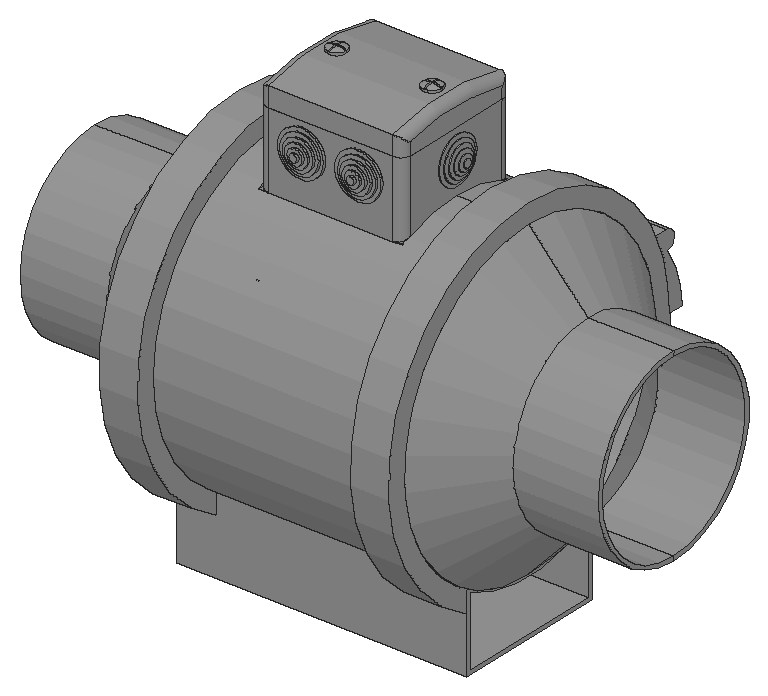
Revit family "Turbo_EC", category Mechanical Equipment, Revit 2021
Family settings
  Round Connector Dimension = Use Diameter
  Classification = None
  Part Type = Normal
  Work Plane-Based = No
  Always vertical = Yes
  Cut with Voids When Loaded = No
  Shared = No
  Room Calculation Point = No
Parameters (values of type "Turbo EC 100")
  Width = B  # 192 mm
  Weight = 1.75 kg
  Temperature of moving air = "-25…+55 °С"
  Sound pressure level at 3 m distance = "47 dBA"
  Length = L  # 302.5 mm
  Height = H  # 241 mm
  Diameter = D  # 98 mm
  Default Elevation = 0 mm
  Description = "For round channels"  # constant formula
  Manufacturer = "Blauberg"  # constant formula
  r2 = D2 / 2  # 92 mm
  h = D1 / 2 + 30 mm  # 112 mm
  d1 = D1 - 5 mm  # 159 mm
  Voltage = if(Number of Fase = 3, 400 V, 230 V)  # 230 V
  URL = "https://blaubergventilatoren.de/en/series/turbo-ec"
  Ry = Dy / 2  # 47 mm
  R1 = D1 / 2  # 82 mm
  R = D / 2  # 49 mm
  Pressure_Static_Air = 0.0 Pa
  Power = 30 W
  P = D1 * sin(30.00°)  # 82 mm
  Number of Fase = 1
  Maximum Air Flow = 300.0 m³/h
  Maintenance zone material = none
  Load Classification = "HVAC"  # constant formula
  L2 = L / 2  # 151.25 mm
  L1 = L - 90 mm  # 212.5 mm
  L = 302.5 mm
  H = 241 mm
  Frequency = 50 Hz
  Dy = D - 4 mm  # 94 mm
  D2 = D1 + 20 mm  # 184 mm
  D11 = D1 + 2 mm  # 166 mm
  D1 = 164 mm
  D = 98 mm
  Casing Material = Polypropylene
  B = 192 mm
  Apparent Load = Voltage * Amperage  # 66.7 VA
  Amperage = 0.29 A
  Air Flow [instance] = 0.0 m³/h
  09_System_Name [instance] = ""
  00_20_Type = "Turbo EC 100"
  00_20_Name = "Inline mixed-flow fans with EC motor"
  00_20_Manufacturer = "Blauberg"  # constant formula
Types (15, lengths in mm): name | Width | Weight | Temperature of moving air | Sound pressure level at 3 m distance | Length | Height | Diameter | r2 | h | d1 | URL | Ry | R1 | R | Power | P | Maximum Air Flow | L2 | L1 | L | H | Dy | D2 | D11 | D1 | D | B | Apparent Load | Amperage | 00_20_Type | 00_20_Name
  (no name) | 192 | 1.75 kg | "-25…+55 °С" | "47 dBA" | 302.5 | 241 | 98 | 92 | 112 | 159 | "https://blaubergventilatoren.de/en/series/turbo-ec" | 47 | 82 | 49 | 30 W | 82 | 300.0 m³/h | 151.25 | 212.5 | 302.5 | 241 | 94 | 184 | 166 | 164 | 98 | 192 | 66.7 VA | 0.29 A | "Turbo EC 100" | "Inline mixed-flow fans with EC motor"
  Turbo 315 | 362 | 11.70 kg | "+60°С" | "52 dBA" | 445 | 408 | 310 | 171.5 | 191.5 | 318 | "https://blaubergventilatoren.de/en/series/turbo" | 153 | 161.5 | 155 | 315 W | 161.5 | 1750.0 m³/h | 222.5 | 355 | 445 | 408 | 306 | 343 | 325 | 323 | 310 | 362 | 326.6 VA | 1.42 A | "Turbo 315" | "Inline mixed-flow fan"
  Turbo 100 | 196 | 1.68 kg | "+60°С" | "32 dBA" | 303 | 241 | 97 | 92 | 112 | 159 | "https://blaubergventilatoren.de/en/series/turbo" | 46.5 | 82 | 48.5 | 25 W | 82 | 220.0 m³/h | 151.5 | 213 | 303 | 241 | 93 | 184 | 166 | 164 | 97 | 196 | 25.3 VA | 0.11 A | "Turbo 100" | "Inline mixed-flow fan"
  Turbo 125 | 196 | 1.79 kg | "+60°С" | "34 dBA" | 258 | 241 | 123 | 92 | 112 | 159 | "https://blaubergventilatoren.de/en/series/turbo" | 59.5 | 82 | 61.5 | 29 W | 82 | 345.0 m³/h | 129 | 168 | 258 | 241 | 119 | 184 | 166 | 164 | 123 | 196 | 29.9 VA | 0.13 A | "Turbo 125" | "Inline mixed-flow fan"
  Turbo 150 | 220 | 3.18 kg | "+60°С" | "44 dBA" | 289 | 251 | 148 | 103.5 | 123.5 | 182 | "https://blaubergventilatoren.de/en/series/turbo" | 72 | 93.5 | 74 | 50 W | 93.5 | 560.0 m³/h | 144.5 | 199 | 289 | 251 | 144 | 207 | 189 | 187 | 148 | 220 | 50.6 VA | 0.22 A | "Turbo 150" | "Inline mixed-flow fan"
  Turbo 160 | 220 | 3.23 kg | "+60°С" | "44 dBA" | 289 | 251 | 158 | 103.5 | 123.5 | 182 | "https://blaubergventilatoren.de/en/series/turbo" | 77 | 93.5 | 79 | 50 W | 93.5 | 560.0 m³/h | 144.5 | 199 | 289 | 251 | 154 | 207 | 189 | 187 | 158 | 220 | 50.6 VA | 0.22 A | "Turbo 160" | "Inline mixed-flow fan"
  Turbo 200 | 239 | 3.80 kg | "+60°С" | "45 dBA" | 295.5 | 261 | 199 | 114.5 | 134.5 | 204 | "https://blaubergventilatoren.de/en/series/turbo" | 97.5 | 104.5 | 99.5 | 108 W | 104.5 | 1080.0 m³/h | 147.75 | 205.5 | 295.5 | 261 | 195 | 229 | 211 | 209 | 199 | 239 | 110.4 VA | 0.48 A | "Turbo 200" | "Inline mixed-flow fan"
  Turbo 250 | 287 | 7.83 kg | "+60°С" | "51 dBA" | 383 | 323 | 247 | 138.5 | 158.5 | 252 | "https://blaubergventilatoren.de/en/series/turbo" | 121.5 | 128.5 | 123.5 | 177 W | 128.5 | 1360.0 m³/h | 191.5 | 293 | 383 | 323 | 243 | 277 | 259 | 257 | 247 | 287 | 181.7 VA | 0.79 A | "Turbo 250" | "Inline mixed-flow fan"
  Turbo EC 100 | 192 | 1.75 kg | "-25…+55 °С" | "47 dBA" | 302.5 | 241 | 98 | 92 | 112 | 159 | "https://blaubergventilatoren.de/en/series/turbo-ec" | 47 | 82 | 49 | 30 W | 82 | 300.0 m³/h | 151.25 | 212.5 | 302.5 | 241 | 94 | 184 | 166 | 164 | 98 | 192 | 66.7 VA | 0.29 A | "Turbo EC 100" | "Inline mixed-flow fans with EC motor"
  Turbo EC 125 | 193 | 2.15 kg | "-25…+55 °С" | "49 dBA" | 258.5 | 241 | 123 | 92 | 112 | 159 | "https://blaubergventilatoren.de/en/series/turbo-ec" | 59.5 | 82 | 61.5 | 40 W | 82 | 450.0 m³/h | 129.25 | 168.5 | 258.5 | 241 | 119 | 184 | 166 | 164 | 123 | 193 | 85.1 VA | 0.37 A | "Turbo EC 125" | "Inline mixed-flow fans with EC motor"
  Turbo EC 150 | 216.5 | 2.30 kg | "-25…+55 °С" | "46 dBA" | 289 | 253.5 | 148 | 103.5 | 123.5 | 182 | "https://blaubergventilatoren.de/en/series/turbo-ec" | 72 | 93.5 | 74 | 55 W | 93.5 | 600.0 m³/h | 144.5 | 199 | 289 | 253.5 | 144 | 207 | 189 | 187 | 148 | 216.5 | 110.4 VA | 0.48 A | "Turbo EC 150" | "Inline mixed-flow fans with EC motor"
  Turbo EC 160 | 216.5 | 3.25 kg | "-25…+55 °С" | "46 dBA" | 289 | 253.5 | 158 | 103.5 | 123.5 | 182 | "https://blaubergventilatoren.de/en/series/turbo-ec" | 77 | 93.5 | 79 | 55 W | 93.5 | 600.0 m³/h | 144.5 | 199 | 289 | 253.5 | 154 | 207 | 189 | 187 | 158 | 216.5 | 110.4 VA | 0.48 A | "Turbo EC 160" | "Inline mixed-flow fans with EC motor"
  Turbo EC 200 | 239 | 3.95 kg | "-25…+55 °С" | "49 dBA" | 295.5 | 277.5 | 198 | 114.5 | 134.5 | 204 | "https://blaubergventilatoren.de/en/series/turbo-ec" | 97 | 104.5 | 99 | 123 W | 104.5 | 1040.0 m³/h | 147.75 | 205.5 | 295.5 | 277.5 | 194 | 229 | 211 | 209 | 198 | 239 | 234.6 VA | 1.02 A | "Turbo EC 200" | "Inline mixed-flow fans with EC motor"
  Turbo EC 250 | 288 | 7.80 kg | "-25…+55 °С" | "53 dBA" | 383 | 339 | 247 | 138.5 | 158.5 | 252 | "https://blaubergventilatoren.de/en/series/turbo-ec" | 121.5 | 128.5 | 123.5 | 169 W | 128.5 | 1285.0 m³/h | 191.5 | 293 | 383 | 339 | 243 | 277 | 259 | 257 | 247 | 288 | 317.4 VA | 1.38 A | "Turbo EC 200" | "Inline mixed-flow fans with EC motor"
  Turbo EC 315 | 360 | 11.95 kg | "-25…+55 °С" | "55 dBA" | 443 | 423 | 308.5 | 171.5 | 191.5 | 318 | "https://blaubergventilatoren.de/en/series/turbo-ec" | 152.25 | 161.5 | 154.25 | 284 W | 161.5 | 1970.0 m³/h | 221.5 | 353 | 443 | 423 | 304.5 | 343 | 325 | 323 | 308.5 | 360 | 287.5 VA | 1.25 A | "Turbo EC 315" | "Inline mixed-flow fans with EC motor"
Reference planes
  plane 1 "По центру (Вперед/Назад)": y = 0
  plane 2: z = 0
  plane 3 "По центру (Влево/Вправо)": x = 0
  plane 4: z = 241
  plane 5: z = 112
  plane 6: z = 152
  plane 7: y = 100
  plane 8: y = -92
Forms (mm)
  Revolve 1, solid, material "Polypropylene" <- "Casing Material"
    sketch origin (0, 0, 0) x (1, 0, 0) y (0, 0, 1)
      loop
        line (-151.25, 159) -> (-105.378, 159) -> (-74.753, 192) -> (74.753, 192) -> (105.378, 159) -> (151.25, 159) -> (151.25, 161) -> (106.25, 161) -> (75.625, 194) -> (-75.625, 194) -> (-106.25, 161) -> (-151.25, 161) -> (-151.25, 159)
      axis (-151.25, 112) -> (151.25, 112)
    angle from 0 to 360
  Extrusion 2, solid, material "Polypropylene" <- "Casing Material"
    sketch origin (0, 0, 0) x (0, 1, 0) y (0, 0, 1)
      loop
        arc (41, 40.986) -> (0, 194) -> (-41, 40.986) r 82
        line (-41, 40.986) -> (-41, 29.641)
        arc (-41, 29.641) -> (0, 204) -> (41, 29.641) r 92
        line (41, 29.641) -> (41, 40.986)
    from 55.675 to 75.625
  Extrusion 3, solid, material "Polypropylene" <- "Casing Material"
    sketch origin (0, 0, 0) x (0, 1, 0) y (0, 0, -1)
      loop
        line (41, -40.986) -> (41, -29.641)
        arc (41, -29.641) -> (0, -204) -> (-41, -29.641) r 92
        line (-41, -29.641) -> (-41, -40.986)
        arc (-41, -40.986) -> (0, -194) -> (41, -40.986) r 82
    from 55.675 to 75.625
  Extrusion 4, solid, material "Polypropylene" <- "Casing Material"
    sketch origin (0, 0, 0) x (0, 1, 0) y (0, 0, 1)
      loop
        line (92, 112) -> (100, 112)
        arc (100, 112) -> (96.908, 127.603) -> (90.194, 142.023) r 66.416
        arc (90.194, 142.023) -> (94.705, 147.242) -> (89.711, 152) r 5
        line (89.711, 152) -> (82.849, 152)
        arc (82.849, 152) -> (89.683, 132.517) -> (92, 112) r 92
    from 55.625 to 75.625
  Extrusion 5, solid, material "Polypropylene" <- "Casing Material"
    sketch origin (-55.104, 5.732, 3.821) x (0, 1, 0) y (0, 0, -1)
      loop
        arc (86.268, -108.179) -> (83.951, -128.695) -> (77.117, -148.179) r 92
        line (77.117, -148.179) -> (83.979, -148.179)
        arc (83.979, -148.179) -> (88.973, -143.421) -> (84.462, -138.202) r 5
        arc (84.462, -138.202) -> (91.176, -123.782) -> (94.268, -108.179) r 66.416
        line (94.268, -108.179) -> (86.268, -108.179)
    from 0.521 to 20.521
  Extrusion 6, solid, material "Polypropylene" <- "Casing Material"
    sketch origin (0, 0, 0) x (0, 1, 0) y (0, 0, 1)
      loop
        line (41, 0) -> (41, 40.986)
        arc (41, 40.986) -> (0, 30) -> (-41, 40.986) r 82
        line (-41, 40.986) -> (-41, 0) -> (41, 0)
      loop
        line (39, 2) -> (39, 38.733)
        arc (39, 38.733) -> (0, 29) -> (-39, 38.733) r 83
        line (-39, 38.733) -> (-39, 2) -> (39, 2)
    from -75.625 to 75.625
  Extrusion 7, solid, material "Polypropylene" <- "Casing Material"
    sketch origin (0, 0, 0) x (0, 1, 0) y (0, 0, 1)
      loop
        line (35, 226) -> (-35, 226) -> (-35, 186.155)
        arc (-35, 186.155) -> (0, 194) -> (35, 186.155) r 82
        line (35, 186.155) -> (35, 226)
    from -37.5 to 37.5
  Extrusion 8, solid, material "Polypropylene" <- "Casing Material"
    sketch origin (0, 0, 0) x (0, 1, 0) y (0, 0, 1)
      loop
        line (-35, 226) -> (35, 226) -> (35, 236)
        arc (35, 236) -> (0, 241) -> (-35, 236) r 125
        line (-35, 236) -> (-35, 226)
    from -37.5 to 37.5
  Sweep 9, void
    path in 3D
      loop
        line (37.5, 35, 186.155) -> (37.5, 35, 226) -> (37.5, 35, 236)
        arc (37.5, 35, 236) -> (37.5, 0, 241) -> (37.5, -35, 236) r 125
        line (37.5, -35, 236) -> (37.5, -35, 226) -> (37.5, -35, 186.155)
    profile origin (37.5, -35, 206.078) x (1, 0, 0) y (0, 1, 0)
      loop
        line (-5, 0) -> (0, 0) -> (0, 5)
        arc (0, 5) -> (-1.464, 1.464) -> (-5, 0) r 5
  Sweep 10, void
    path in 3D
      loop
        line (-37.5, -35, 186.155) -> (-37.5, -35, 226) -> (-37.5, -35, 236)
        arc (-37.5, -35, 236) -> (-37.5, 0, 241) -> (-37.5, 35, 236) r 125
        line (-37.5, 35, 236) -> (-37.5, 35, 226) -> (-37.5, 35, 186.155)
    profile origin (-37.5, 35, 206.078) x (-1, 0, 0) y (0, -1, 0)
      loop
        line (0, 0) -> (0, 3.835)
        arc (0, 3.835) -> (-1.766, 1.074) -> (-4.862, 0) r 5
        line (-4.862, 0) -> (0, 0)
Cuts and joins
  Sweep 9, Sweep 10 cuts Revolve 1
  Sweep 9, Sweep 10 cuts Extrusion 7
  Sweep 9, Sweep 10 cuts Extrusion 8
Lines and regions (mm)
  sketch lines
    curve 1: line (37.5, -35, 226) -> (37.5, -35, 186.155)
    curve 2: line (37.5, -35, 236) -> (37.5, -35, 226)
    curve 3: arc (37.5, -35, 236) -> (37.5, 0, 241) -> (37.5, 35, 236) r 125
    curve 4: line (37.5, 35, 226) -> (37.5, 35, 236)
    curve 5: line (37.5, 35, 186.155) -> (37.5, 35, 226)
    curve 6: line (-37.5, 35, 226) -> (-37.5, 35, 186.155)
    curve 7: line (-37.5, 35, 236) -> (-37.5, 35, 226)
    curve 8: arc (-37.5, 35, 236) -> (-37.5, 0, 241) -> (-37.5, -35, 236) r 125
    curve 9: line (-37.5, -35, 226) -> (-37.5, -35, 236)
    curve 10: line (-37.5, -35, 186.155) -> (-37.5, -35, 226)
Dimensions and locks
  "H": plane 4 to level
  equal spacing: Revolve 1 sketch curve, plane 3 "По центру (Влево/Вправо)", Revolve 1 sketch curve  (x3)
  "L": Revolve 1 sketch curve to Revolve 1 sketch curve
  "L2": Revolve 1 sketch curve to Revolve 1 sketch curve
  "L1": Revolve 1 sketch curve to Revolve 1 sketch curve
  locked: Revolve 1 sketch curve to Revolve 1 sketch curve at 2  (x3)
  "R": Revolve 1 sketch curve to plane 5  (x2)
  "Ry": Revolve 1 sketch curve to plane 5  (x2)
  "R1": Revolve 1 sketch curve to plane 5
  "h": plane 5 to level
  equal spacing: Extrusion 3, plane 3 "По центру (Влево/Вправо)", Extrusion 2
  "L2": Extrusion 3 to Extrusion 2
  locked: Extrusion 2 to Extrusion 2 at 19.95
  locked: Extrusion 3 to Extrusion 3 at 19.95
  locked: Extrusion 4 to Extrusion 4 at 20
  locked: Extrusion 5 to Extrusion 5 at 20
  equal spacing: Extrusion 5, plane 3 "По центру (Влево/Вправо)", Extrusion 4
  "L2": Extrusion 5 to Extrusion 4
  locked: plane 6 to plane 5 at 40
  equal spacing: Extrusion 6 sketch curve, plane 1 "По центру (Вперед/Назад)", Extrusion 6 sketch curve
  "P": Extrusion 6 sketch curve to Extrusion 6 sketch curve
  equal spacing: Extrusion 6, plane 3 "По центру (Влево/Вправо)", Extrusion 6
  "L2": Extrusion 6 to Extrusion 6
  locked: Extrusion 6 sketch curve to Extrusion 6 sketch curve at 2  (x3)
  equal spacing: Extrusion 3 sketch curve, plane 1 "По центру (Вперед/Назад)", Extrusion 3 sketch curve
  "P": Extrusion 3 sketch curve to Extrusion 3 sketch curve
  equal spacing: Extrusion 2 sketch curve, plane 1 "По центру (Вперед/Назад)", Extrusion 2 sketch curve
  "P": Extrusion 2 sketch curve to Extrusion 2 sketch curve
  locked: Extrusion 7 sketch curve to Extrusion 7 sketch curve at 70
  equal spacing: Extrusion 7 sketch curve, plane 1 "По центру (Вперед/Назад)", Extrusion 7 sketch curve
  locked: plane 4 to Extrusion 7 sketch curve at 15
  locked: Extrusion 8 sketch curve to Extrusion 8 sketch curve at 70
  equal spacing: Extrusion 8 sketch curve, plane 1 "По центру (Вперед/Назад)", Extrusion 8 sketch curve
  locked: Extrusion 8 sketch curve to Extrusion 7 at 10  (x2)
  locked: Extrusion 8 sketch curve to Extrusion 7 at 15
  locked: plane 4 to nested 1 at 30
  locked: nested 1 to plane 3 "По центру (Влево/Вправо)" at 37.5
  locked: plane 3 "По центру (Влево/Вправо)" to nested 2 at 37.5
  locked: plane 4 to nested 2 at 30
  nested 4 to plane 1 "По центру (Вперед/Назад)" to nested 3 = 35 mm, 35 mm locked
  locked: plane 4 to nested 3 at 30
  locked: nested 4 to plane 4 at 30
  locked: nested 4 to plane 3 "По центру (Влево/Вправо)" at 15
  locked: nested 3 to plane 3 "По центру (Влево/Вправо)" at 15
  nested 6 to nested 5 = 70 mm
  locked: plane 3 "По центру (Влево/Вправо)" to nested 6 at 15
  locked: plane 3 "По центру (Влево/Вправо)" to nested 5 at 15
  locked: plane 4 to nested 5 at 30
  locked: plane 4 to nested 6 at 30
  "B": plane 7 to plane 8
  "r2": plane 1 "По центру (Вперед/Назад)" to plane 8
  locked: plane 4 to nested 8 at 0.5
  locked: plane 3 "По центру (Влево/Вправо)" to nested 8 at 25
  nested 9 to nested 7 = 25 mm
  locked: plane 4 to nested 9 at 0.5
  "D1": diameter of Extrusion 2 sketch curve
  "D2": diameter of Extrusion 2 sketch curve
  "D1": diameter of Extrusion 3 sketch curve
  "D2": diameter of Extrusion 3 sketch curve
  "D2": diameter of Extrusion 4 sketch curve
  "D2": diameter of Extrusion 5 sketch curve
  "D1": diameter of Extrusion 6 sketch curve
  "D11": diameter of Extrusion 6 sketch curve
  "D1": diameter of Extrusion 7 sketch curve
  aligned and locked: level to plane 2
  aligned and locked: Revolve 1 sketch curve to plane 5
  aligned and locked: plane 5 to Extrusion 5 sketch curve
  aligned and locked: plane 1 "По центру (Вперед/Назад)" to Extrusion 5 sketch curve
  aligned and locked: plane 6 to Extrusion 5 sketch curve
  aligned and locked: nested 7 to plane 3 "По центру (Влево/Вправо)"
  aligned and locked: plane 5 to nested 7
  aligned and locked: plane 1 "По центру (Вперед/Назад)" to nested 7
  aligned and locked: plane 7 to Extrusion 5 sketch curve
  aligned and locked: plane 7 to Extrusion 4 sketch curve
  aligned and locked: plane 1 "По центру (Вперед/Назад)" to nested 8
  aligned and locked: plane 1 "По центру (Вперед/Назад)" to nested 9
Automatic sketch dimensions
  Revolve 1 sketch curve to Revolve 1 sketch curve = 1.569 mm
  Revolve 1 sketch curve to Revolve 1 sketch curve = 12.528 mm
  Extrusion 2 sketch curve to Extrusion 2 sketch curve = 0 mm  (x2)
  Extrusion 2 sketch curve to plane 1 "По центру (Вперед/Назад)" = 0 mm
  Extrusion 2 sketch curve to plane 5 = 0 mm
  Extrusion 3 sketch curve to Extrusion 3 sketch curve = 0 mm  (x2)
  Extrusion 3 sketch curve to plane 1 "По центру (Вперед/Назад)" = 0 mm
  Extrusion 3 sketch curve to plane 5 = 0 mm
  Extrusion 4 sketch curve to plane 1 "По центру (Вперед/Назад)" = 0 mm
  Extrusion 4 sketch curve to plane 6 = 0 mm
  Extrusion 4 sketch curve to plane 5 = 0 mm
  Extrusion 4 sketch curve to plane 5 = 5.016 mm
  Extrusion 4 sketch curve to plane 1 "По центру (Вперед/Назад)" = 33.774 mm
  Extrusion 4 sketch curve to plane 6 = 5 mm
  plane 7 to Extrusion 4 sketch curve = 10.289 mm
  Extrusion 5 sketch curve to plane 5 = 5.016 mm
  Extrusion 5 sketch curve to plane 1 "По центру (Вперед/Назад)" = 33.774 mm
  Extrusion 5 sketch curve to plane 6 = 5 mm
  plane 7 to Extrusion 5 sketch curve = 10.289 mm
  Extrusion 6 sketch curve to Extrusion 6 sketch curve = 0 mm  (x2)
  Extrusion 6 sketch curve to plane 1 "По центру (Вперед/Назад)" = 0 mm
  Extrusion 6 sketch curve to level = 0 mm
  Extrusion 6 sketch curve to plane 5 = 0 mm
  Extrusion 7 sketch curve to plane 1 "По центру (Вперед/Назад)" = 0 mm
  Extrusion 7 sketch curve to plane 5 = 0 mm
  Extrusion 8 sketch curve to Extrusion 8 sketch curve = 10 mm
  profile plane to Sweep 9 sketch curve = 0 mm
  Sweep 9 sketch curve to profile plane = 0 mm
  Sweep 9 sketch curve to profile plane = 5 mm
  Sweep 10 sketch curve to profile plane = 0 mm  (x2)
  Sweep 10 sketch curve to profile plane = 4.862 mm
  Sweep 10 sketch curve to profile plane = 3.835 mm
Nested families
  nested 1: "cap" at (33.5, 0, 211) x (0, 0, -1) z (1, 0, 0), type "cap"
  nested 2: "cap" at (-33.5, 0, 211) x (0, 0, -1) z (-1, 0, 0), type "cap"
  nested 3: "cap" at (-15, -31, 211) x (0, 0, -1) z (0, -1, 0), type "cap"
  nested 4: "cap" at (-15, 31, 211) x (0, 0, -1) z (0, 1, 0), type "cap"
  nested 5: "cap" at (15, -31, 211) x (0, 0, -1) z (0, -1, 0), type "cap"
  nested 6: "cap" at (15, 31, 211) x (0, 0, -1) z (0, 1, 0), type "cap"
  nested 7: "Fan" at (0, 0, 112) x (0, 0, 1) z (-1, 0, 0), type "Fan"
    with r 31.8 mm, R 79.5 mm, Dy 159 mm
  nested 8: "Screw" at (25, 0, 240.5), type "Screw"
  nested 9: "Screw" at (-25, 0, 240.5), type "Screw"
Connectors
  hvac at (-151.25, 0, 112), driven by "D"
    settings: on cut or joined group of Revolve 1, Sweep 9, Sweep 10, index 1, duct flow 0.0 m³/h, flow factor 0, pres drop 0.0 Pa, loss coef 0, conn angle 0.00°, conn width 304.8 mm, conn height 304.8 mm, conn diameter 98 mm, duct sys type 1, conn prof type 0, flow config 0, flow direction 0, loss method 0, conn ref index -1, conn util no, is conn primary yes, conn desc ""
  hvac at (151.25, 0, 112), driven by "D"
    settings: on cut or joined group of Revolve 1, Sweep 9, Sweep 10, index 2, duct flow 0.0 m³/h, flow factor 0, pres drop 0.0 Pa, loss coef 0, conn angle 0.00°, conn width 304.8 mm, conn height 304.8 mm, conn diameter 98 mm, duct sys type 1, conn prof type 0, flow config 0, flow direction 0, loss method 0, conn ref index -1, conn util no, is conn primary no, conn desc ""
  electrical at (-15, -36, 211), driven by "Voltage", driven by "Apparent Load"
    settings: on nested 3, index 3, voltage 230 V, apparent load 66.7 VA, apparent load phase1 0 VA, apparent load phase2 0 VA, apparent load phase3 0 VA, power factor 1, load classification "Мощность", number of poles 1, system type 30, power factor state 1, is connector primary yes, connector utility no, sub classification motor no, connector description ""
Definition of nested family "cap"
  Parameters (values of type "Заглушка")
    Default Elevation = 0 mm
  Reference planes
    plane 1 "По центру (Вперед/Назад)": y = 0
    plane 2: z = 0
    plane 3 "По центру (Влево/Вправо)": x = 0
  Forms (mm)
    Extrusion 1, solid
      sketch origin (0, 0, 0) x (1, 0, 0) y (0, 1, 0)
        loop
          circle (0, 0) r 12
      from 4 to 5
    Extrusion 2, solid
      sketch origin (0, 0, 0) x (1, 0, 0) y (0, 1, 0)
        loop
          circle (0, 0) r 10
      from 5 to 6
    Extrusion 3, solid
      sketch origin (0, 0, 0) x (1, 0, 0) y (0, 1, 0)
        loop
          circle (0, 0) r 8
      from 6 to 7
    Extrusion 4, solid
      sketch origin (0, 0, 0) x (1, 0, 0) y (0, 1, 0)
        loop
          circle (0, 0) r 6
      from 7 to 8
    Extrusion 5, solid
      sketch origin (0, 0, 0) x (1, 0, 0) y (0, 1, 0)
        loop
          circle (0, 0) r 4
      from 8 to 9
    Extrusion 6, solid
      sketch origin (0, 0, 0) x (1, 0, 0) y (0, 1, 0)
        loop
          circle (0, 0) r 2
      from 9 to 10
  Dimensions and locks
    aligned and locked: level to plane 2
Definition of nested family "Fan"
  Parameters (values of type "Вентилятор")
    Default Elevation = 0 mm
    r = Dy / 5  # 38.8 mm
    n = 8
    R = Dy / 2  # 97 mm
    Dy = 194 mm
  Reference planes
    plane 1 "По центру (Вперед/Назад)": y = 0
    plane 2: z = 0
    plane 3 "По центру (Влево/Вправо)": x = 0
  Forms (mm)
    Extrusion 1, solid
      sketch origin (5, 0, 0) x (1, 0, 0) y (0, 0, 1)
        loop
          arc (-1.417, 0) -> (-5.784, 15.673) -> (-3.327, 31.756) r 38.725
          arc (-3.327, 31.756) -> (-13.26, 17.281) -> (-10.167, 0) r 23.13
          line (-10.167, 0) -> (-1.417, 0)
      from 38.8 <- "r" to 97 <- "R"
    Extrusion 2, solid
      sketch origin (3.536, -3.536, 0) x (0.707107, -0.707107, 0) y (0, 0, 1)
        loop
          arc (-1.417, 0) -> (-5.784, 15.673) -> (-3.327, 31.756) r 38.725
          arc (-3.327, 31.756) -> (-13.26, 17.281) -> (-10.167, 0) r 23.13
          line (-10.167, 0) -> (-1.417, 0)
      from 38.8 <- "r" to 97 <- "R"
    Extrusion 3, solid
      sketch origin (3.536, 3.536, 0) x (0.707107, 0.707107, 0) y (0, 0, 1)
        loop
          arc (-1.417, 0) -> (-5.784, 15.673) -> (-3.327, 31.756) r 38.725
          arc (-3.327, 31.756) -> (-13.26, 17.281) -> (-10.167, 0) r 23.13
          line (-10.167, 0) -> (-1.417, 0)
      from 38.8 <- "r" to 97 <- "R"
    Extrusion 4, solid
      sketch origin (0, 5, 0) x (0, 1, 0) y (0, 0, 1)
        loop
          arc (-1.417, 0) -> (-5.784, 15.673) -> (-3.327, 31.756) r 38.725
          arc (-3.327, 31.756) -> (-13.26, 17.281) -> (-10.167, 0) r 23.13
          line (-10.167, 0) -> (-1.417, 0)
      from 38.8 <- "r" to 97 <- "R"
    Extrusion 5, solid
      sketch origin (-3.536, 3.536, 0) x (-0.707107, 0.707107, 0) y (0, 0, 1)
        loop
          arc (-1.417, 0) -> (-5.784, 15.673) -> (-3.327, 31.756) r 38.725
          arc (-3.327, 31.756) -> (-13.26, 17.281) -> (-10.167, 0) r 23.13
          line (-10.167, 0) -> (-1.417, 0)
      from 38.8 <- "r" to 97 <- "R"
    Extrusion 6, solid
      sketch origin (-5, 0, 0) x (-1, 0, 0) y (0, 0, 1)
        loop
          arc (-1.417, 0) -> (-5.784, 15.673) -> (-3.327, 31.756) r 38.725
          arc (-3.327, 31.756) -> (-13.26, 17.281) -> (-10.167, 0) r 23.13
          line (-10.167, 0) -> (-1.417, 0)
      from 38.8 <- "r" to 97 <- "R"
    Extrusion 7, solid
      sketch origin (-3.536, -3.536, 0) x (-0.707107, -0.707107, 0) y (0, 0, 1)
        loop
          arc (-1.417, 0) -> (-5.784, 15.673) -> (-3.327, 31.756) r 38.725
          arc (-3.327, 31.756) -> (-13.26, 17.281) -> (-10.167, 0) r 23.13
          line (-10.167, 0) -> (-1.417, 0)
      from 38.8 <- "r" to 97 <- "R"
    Extrusion 8, solid
      sketch origin (0, -5, 0) x (0, -1, 0) y (0, 0, 1)
        loop
          arc (-1.417, 0) -> (-5.784, 15.673) -> (-3.327, 31.756) r 38.725
          arc (-3.327, 31.756) -> (-13.26, 17.281) -> (-10.167, 0) r 23.13
          line (-10.167, 0) -> (-1.417, 0)
      from 38.8 <- "r" to 97 <- "R"
    Revolve 9, solid
      sketch origin (0, 0, 0) x (1, 0, 0) y (0, 0, 1)
        loop
          line (0, -23.244) -> (38.8, -23.244) -> (38.8, 39.154)
          arc (38.8, 39.154) -> (20.312, 47.923) -> (0, 50.402) r 63.942
          line (0, 50.402) -> (0, -23.244)
        axis (0, 50.402) -> (0, -23.244)
      angle from 0 to 360
  Dimensions and locks
    "r": Revolve 9 sketch curve to plane 3 "По центру (Влево/Вправо)"
    aligned and locked: level to plane 2
  Automatic sketch dimensions
    Extrusion 1 sketch curve to Extrusion 1 sketch curve = 8.75 mm
    Extrusion 1 sketch curve to Extrusion 1 sketch curve = 10.768 mm
    Extrusion 1 sketch curve to Extrusion 1 sketch curve = 23.52 mm
    Extrusion 1 sketch curve to Extrusion 1 sketch curve = 12.411 mm
    Extrusion 1 sketch curve to Extrusion 1 sketch curve = 5.588 mm
    Extrusion 2 sketch curve to Extrusion 2 sketch curve = 8.75 mm
    Extrusion 2 sketch curve to Extrusion 2 sketch curve = 10.768 mm
    Extrusion 2 sketch curve to Extrusion 2 sketch curve = 23.52 mm
    Extrusion 2 sketch curve to Extrusion 2 sketch curve = 12.411 mm
    Extrusion 2 sketch curve to Extrusion 2 sketch curve = 5.588 mm
    Extrusion 3 sketch curve to Extrusion 3 sketch curve = 8.75 mm
    Extrusion 3 sketch curve to Extrusion 3 sketch curve = 10.768 mm
    Extrusion 3 sketch curve to Extrusion 3 sketch curve = 23.52 mm
    Extrusion 3 sketch curve to Extrusion 3 sketch curve = 12.411 mm
    Extrusion 3 sketch curve to Extrusion 3 sketch curve = 5.588 mm
    Extrusion 4 sketch curve to Extrusion 4 sketch curve = 8.75 mm
    Extrusion 4 sketch curve to Extrusion 4 sketch curve = 10.768 mm
    Extrusion 4 sketch curve to Extrusion 4 sketch curve = 23.52 mm
    Extrusion 4 sketch curve to Extrusion 4 sketch curve = 12.411 mm
    Extrusion 4 sketch curve to Extrusion 4 sketch curve = 5.588 mm
    Extrusion 5 sketch curve to Extrusion 5 sketch curve = 8.75 mm
    Extrusion 5 sketch curve to Extrusion 5 sketch curve = 10.768 mm
    Extrusion 5 sketch curve to Extrusion 5 sketch curve = 23.52 mm
    Extrusion 5 sketch curve to Extrusion 5 sketch curve = 12.411 mm
    Extrusion 5 sketch curve to Extrusion 5 sketch curve = 5.588 mm
    Extrusion 6 sketch curve to Extrusion 6 sketch curve = 8.75 mm
    Extrusion 6 sketch curve to Extrusion 6 sketch curve = 10.768 mm
    Extrusion 6 sketch curve to Extrusion 6 sketch curve = 23.52 mm
    Extrusion 6 sketch curve to Extrusion 6 sketch curve = 12.411 mm
    Extrusion 6 sketch curve to Extrusion 6 sketch curve = 5.588 mm
    Extrusion 7 sketch curve to Extrusion 7 sketch curve = 8.75 mm
    Extrusion 7 sketch curve to Extrusion 7 sketch curve = 10.768 mm
    Extrusion 7 sketch curve to Extrusion 7 sketch curve = 23.52 mm
    Extrusion 7 sketch curve to Extrusion 7 sketch curve = 12.411 mm
    Extrusion 7 sketch curve to Extrusion 7 sketch curve = 5.588 mm
    Extrusion 8 sketch curve to Extrusion 8 sketch curve = 8.75 mm
    Extrusion 8 sketch curve to Extrusion 8 sketch curve = 10.768 mm
    Extrusion 8 sketch curve to Extrusion 8 sketch curve = 23.52 mm
    Extrusion 8 sketch curve to Extrusion 8 sketch curve = 12.411 mm
    Extrusion 8 sketch curve to Extrusion 8 sketch curve = 5.588 mm
    Revolve 9 sketch curve to plane 3 "По центру (Влево/Вправо)" = 0 mm  (x2)
    plane 3 "По центру (Влево/Вправо)" to Revolve 9 sketch curve = 2.509 mm
    Revolve 9 sketch curve to level = 23.244 mm
    Revolve 9 sketch curve to Revolve 9 sketch curve = 9.754 mm
    level to Revolve 9 sketch curve = 39.154 mm
    Revolve 9 sketch curve to Revolve 9 sketch curve = 17.198 mm
    Revolve 9 sketch curve to Revolve 9 sketch curve = 5 mm
Definition of nested family "Screw"
  Parameters (values of type "Винт")
    Default Elevation = 1219.2 mm
  Reference planes
    plane 1 "По центру (Вперед/Назад)": y = 0
    plane 2: z = 0
    plane 3 "По центру (Влево/Вправо)": x = 0
  Forms (mm)
    Revolve 1, solid
      sketch origin (0, 0, 0) x (1, 0, 0) y (0, 0, 1)
        loop
          line (0, -20) -> (2.5, -20) -> (2.5, 0) -> (5, 0) -> (5, 0.988)
          arc (5, 0.988) -> (2.589, 1.966) -> (0, 2.235) r 9.254
          line (0, 2.235) -> (0, -20)
        axis (0, 2.235) -> (0, -20)
      angle from 0 to 360
    Extrusion 2, void
      sketch origin (0, -0.137, 0) x (1, 0, 0) y (0, 1, 0)
        loop
          line (-0.447, -5.142) -> (0.447, -5.142) -> (0.447, -0.331) -> (5.265, -0.331) -> (5.265, 0.605) -> (0.447, 0.605) -> (0.447, 5.38) -> (-0.447, 5.38) -> (-0.447, 0.605) -> (-5.291, 0.605) -> (-5.291, -0.331) -> (-0.447, -0.331) -> (-0.447, -5.142)
      from 0.988 to 3.071
  Cuts and joins
    Extrusion 2 cuts Revolve 1
  Dimensions and locks
    equal spacing: cut or joined group of Revolve 1, Extrusion 2, plane 1 "По центру (Вперед/Назад)", cut or joined group of Revolve 1, Extrusion 2  (x2)
    equal spacing: cut or joined group of Revolve 1, Extrusion 2, plane 3 "По центру (Влево/Вправо)", cut or joined group of Revolve 1, Extrusion 2  (x2)
    aligned and locked: level to plane 2
    aligned and locked: Extrusion 2 to Revolve 1
  Automatic sketch dimensions
    Revolve 1 sketch curve to plane 3 "По центру (Влево/Вправо)" = 0 mm  (x2)
    Revolve 1 sketch curve to level = 0 mm
    plane 3 "По центру (Влево/Вправо)" to Revolve 1 sketch curve = 0.35 mm
    plane 3 "По центру (Влево/Вправо)" to Revolve 1 sketch curve = 2.5 mm
    Revolve 1 sketch curve to Revolve 1 sketch curve = 2.5 mm
    Revolve 1 sketch curve to level = 7.013 mm
    Revolve 1 sketch curve to Revolve 1 sketch curve = 12.987 mm
    level to Revolve 1 sketch curve = 0.988 mm
    Revolve 1 sketch curve to Revolve 1 sketch curve = 5.087 mm
    Revolve 1 sketch curve to Revolve 1 sketch curve = 1.631 mm
    Extrusion 2 sketch curve to plane 1 "По центру (Вперед/Назад)" = 0.468 mm  (x2)
    Extrusion 2 sketch curve to plane 3 "По центру (Влево/Вправо)" = 5.291 mm
    Extrusion 2 sketch curve to plane 3 "По центру (Влево/Вправо)" = 0.447 mm  (x2)
    plane 3 "По центру (Влево/Вправо)" to Extrusion 2 sketch curve = 0.447 mm  (x2)
    Extrusion 2 sketch curve to Extrusion 2 sketch curve = 4.818 mm
    plane 1 "По центру (Вперед/Назад)" to Extrusion 2 sketch curve = 0.468 mm  (x2)
    Extrusion 2 sketch curve to Extrusion 2 sketch curve = 4.811 mm
    Extrusion 2 sketch curve to Extrusion 2 sketch curve = 4.774 mm
